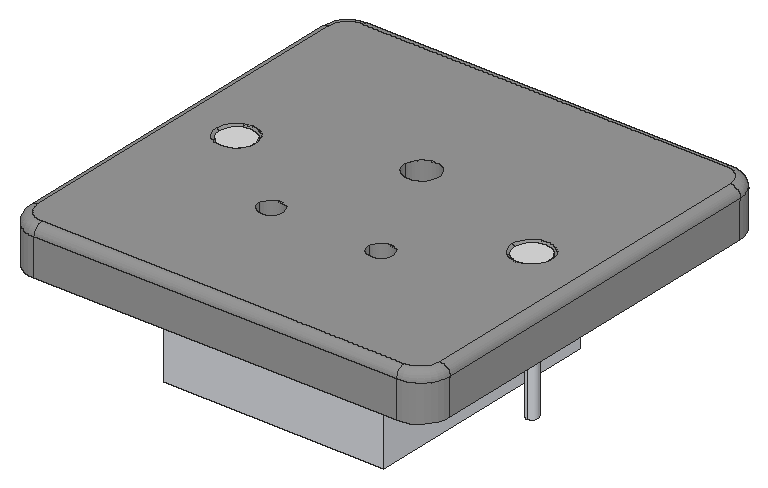
Revit family "ElectricalFixture_WiringAccessories_Hager_Sollysta_WMS51", category Electrical Fixtures, host Face, Revit 2015
Parameters (values of type "WMS51")
  Warranty ID = ""
  Voltage (Volts) = "230V/240V"
  Unique Reference = "WMS51"
  Type = "ElectricalFixture"
  Technical Description = Description  # "5A1GangUnswitchedSocket"
  Switch = no
  Supply Phase = "1"
  Size = ""
  Shipping Weight kg = "0.188"
  Shape = "Rectangular"
  Reference Standard = "BS 1363-2"
  Product URL = "http://www.hager.co.uk/product-catalogue/wiring-accessories/sollysta/white-moulded/white-moulded-sockets/58428.htm"
  Product Range = "Sollysta"
  Product Model Number = "WMS51"
  Product Literature = "http://www.hager.co.uk/product-catalogue/wiring-accessories/sollysta/38662.htm"
  Product Group = "WiringAccessories"
  Product Family = "WhiteMouldedSockets_UnswitchedSockets"
  Packaging Recyclable = yes
  Overall Width = 0.0 mm
  Overall Length = 86.0 mm
  Overall Height = 86.0 mm
  Overall Depth = 26.07 mm
  Operation and Maintenance Manual = ""
  Name = "WhiteMouldedSocket_WMS51"
  Measurement Units = "mm"
  Material = Urea Formaldehyde Thermoset Plastic
  Manufacturer Website = "http://www.hager.co.uk/"
  Manufacturer Country = "United Kingdom"
  Manufacturer = "Hager"
  LED Indicator Switch = yes
  Gross Weight kg = "0.165"
  Frequency = "50/60Hz"
  Finish = "Gloss"
  Features = Description  # "5A1GangUnswitchedSocket"
  Extrusion From Wall = 11.921 mm
  Expected Life = "25 years"
  EAN Code = "5015652261032"
  Design Country = "China"
  Description = "5A1GangUnswitchedSocket"
  Default Elevation = 1219.2 mm
  Colour = "SollystaWhite"
  CE Approval = yes
Reference planes
  plane 1 "Center (Front/Back)": y = 0
  plane 2: z = 0
  plane 3 "Center (Left/Right)": x = 0
  plane 4: y = -43
  plane 5: y = 43
  plane 6: x = -137
  plane 7: x = -51
  plane 8: z = 9.47
  plane 9: z = -16.6
  plane 10: z = 11.921
  plane 11: y = -471.393
  plane 12: z = -20.53
  plane 13: x = -124.15
  plane 14: x = -63.85
  plane 15: x = -93.992
Forms (mm)
  Extrusion 1, solid, material "Urea Formaldehyde Thermoset Plastic", detail levels fine
    sketch origin (0, 0, 0) x (1, 0, 0) y (0, 1, 0)
      loop
        arc (-137, -37.005) -> (-135.244, -41.244) -> (-131.005, -43) r 5.995
        line (-131.005, -43) -> (-57.017, -43)
        arc (-57.017, -43) -> (-52.762, -41.238) -> (-51, -36.983) r 6.017
        line (-51, -36.983) -> (-51, 37.035)
        arc (-51, 37.035) -> (-52.747, 41.253) -> (-56.965, 43) r 5.965
        line (-56.965, 43) -> (-131.018, 43)
        arc (-131.018, 43) -> (-135.248, 41.248) -> (-137, 37.018) r 5.982
        line (-137, 37.018) -> (-137, -37.005)
      loop
        circle (-124.15, 0) r 3.228
      loop
        circle (-63.85, 0) r 3.228
      loop
        circle (-94.011, 9.624) r 3.504
      loop
        circle (-105.207, -14.853) r 2.5
      loop
        circle (-82.815, -14.853) r 2.5
    from 0 to 9.47
  Sweep 2, void
    path origin (0, 0, 0) x (1, 0, 0) y (0, 1, 0)
      loop
        line (-137, 37.018) -> (-137, -37.005)
        arc (-137, -37.005) -> (-135.244, -41.244) -> (-131.005, -43) r 5.995
        line (-131.005, -43) -> (-57.017, -43)
        arc (-57.017, -43) -> (-52.762, -41.238) -> (-51, -36.983) r 6.017
        line (-51, -36.983) -> (-51, 37.035)
        arc (-51, 37.035) -> (-52.747, 41.253) -> (-56.965, 43) r 5.965
        line (-56.965, 43) -> (-131.018, 43)
        arc (-131.018, 43) -> (-135.248, 41.248) -> (-137, 37.018) r 5.982
    profile origin (-137, 0.007, 0) x (1, 0, 0) y (0, 0, 1)
      loop
        line (0, 9.47) -> (0, 7.462)
        arc (0, 7.462) -> (0.588, 8.882) -> (2.008, 9.47) r 2.008
        line (2.008, 9.47) -> (0, 9.47)
  Sweep 3, void
    path origin (0, 0, 0) x (1, 0, 0) y (0, 1, 0)
      loop
        circle (-63.85, 0) r 3.228
    profile origin (-63.85, 3.228, 0) x (0, -1, 0) y (0, 0, 1)
      loop
        line (0, 9.47) -> (-0.814, 9.47)
        arc (-0.814, 9.47) -> (-0.347, 9.123) -> (0, 8.656) r 2
        line (0, 8.656) -> (0, 9.47)
  Sweep 4, void
    path origin (0, 0, 0) x (1, 0, 0) y (0, 1, 0)
      loop
        circle (-124.15, 0) r 3.228
    profile origin (-124.15, 3.228, 0) x (0, 1, 0) y (0, 0, 1)
      loop
        line (0, 9.47) -> (0, 8.656)
        arc (0, 8.656) -> (0.346, 9.124) -> (0.814, 9.47) r 1.964
        line (0.814, 9.47) -> (0, 9.47)
  Extrusion 5, solid, material "Steel, Chrome Plated", detail levels fine
    sketch origin (0, 0, 0) x (1, 0, 0) y (0, 1, 0)
      loop
        circle (-124.15, 0) r 3.542
    from -1.167 to 9.196
  Extrusion 6, solid, material "Steel, Chrome Plated", detail levels fine
    sketch origin (0, 0, 0) x (-1, 0, 0) y (0, -1, 0)
      loop
        circle (63.85, 0) r 3.542
    from -1.167 to 9.196
  Extrusion 7, solid, material "Urea Formaldehyde Thermoset Plastic", detail levels medium
    sketch origin (0, 0, 0) x (1, 0, 0) y (0, 1, 0)
      loop
        line (-137, 43) -> (-137, -43) -> (-51, -43) -> (-51, 43) -> (-137, 43)
    from 0 to 9.47
  Extrusion 8, solid
    sketch origin (-184.307, 0, -1.167) x (0, 1, 0) y (-1, 0, 0)
      loop
        circle (0, -60.15) r 1.2
    from 0 to 19.363
  Extrusion 9, solid
    sketch origin (0, 0, -1.167) x (0, -1, 0) y (1, 0, 0)
      loop
        circle (0, -63.85) r 1.2
    from 0 to 19.363
  Extrusion 10, solid, material "Urea Formaldehyde Thermoset Plastic", detail levels medium
    sketch origin (0, 0, 0) x (1, 0, 0) y (0, 1, 0)
      loop
        line (-137, -43) -> (-51, -43) -> (-51, 43) -> (-137, 43) -> (-137, -43)
    from 0 to 9.47
  Extrusion 11, solid, detail levels medium+fine
    sketch origin (0, 0, 0) x (1, 0, 0) y (0, 1, 0)
      loop
        line (-116.582, 21.953) -> (-116.582, -28.047) -> (-71.582, -28.047) -> (-71.582, 21.953) -> (-116.582, 21.953)
    from -20.53 to 0
Cuts and joins
  Sweep 2, Sweep 3, Sweep 4 cuts Extrusion 1
Lines and regions (mm)
  symbolic lines, style "ElectricalFixtures", not visible, detail levels coarse
    curve 1: line (131.079, -504.912, 19.451) -> (61.079, -504.912, 19.451)
    curve 2: arc (131.079, -504.912, 19.451) -> (96.079, -504.912, 54.451) -> (61.079, -504.912, 19.451) r 35
  symbolic lines, style "ElectricalFixtures", detail levels coarse
    curve 3: line (-129.001, -504.912, 0) -> (-59.001, -504.912, 0)
    curve 4: arc (-129.001, -504.912, 0) -> (-94.001, -504.912, 35) -> (-59.001, -504.912, 0) r 35
  model lines, detail levels coarse
    curve 5: line (-137, 43, 0) -> (-51, 43, 0)
    curve 6: line (-137, -43, 0) -> (-137, 43, 0)
    curve 7: line (-51, -43, 0) -> (-137, -43, 0)
    curve 8: line (-51, 43, 0) -> (-51, -43, 0)
    curve 9: arc (-120.108, 0, 0) -> (-124.15, -4.042, 0) -> (-128.192, 0, 0) r 4.042
    curve 10: arc (-128.192, 0, 0) -> (-124.15, 4.042, 0) -> (-120.108, 0, 0) r 4.042
    curve 11: arc (-59.808, 0, 0) -> (-63.85, -4.042, 0) -> (-67.892, 0, 0) r 4.042
    curve 12: arc (-67.892, 0, 0) -> (-63.85, 4.042, 0) -> (-59.808, 0, 0) r 4.042
  model lines
    curve 13: arc (-90.507, 9.624, 0) -> (-94.011, 6.119, 0) -> (-97.515, 9.624, 0) r 3.504
    curve 14: arc (-97.515, 9.624, 0) -> (-94.011, 13.128, 0) -> (-90.507, 9.624, 0) r 3.504
    curve 15: arc (-102.707, -14.853, 0) -> (-105.207, -17.353, 0) -> (-107.707, -14.853, 0) r 2.5
    curve 16: arc (-107.707, -14.853, 0) -> (-105.207, -12.353, 0) -> (-102.707, -14.853, 0) r 2.5
    curve 17: arc (-80.315, -14.853, 0) -> (-82.815, -17.353, 0) -> (-85.315, -14.853, 0) r 2.5
    curve 18: arc (-85.315, -14.853, 0) -> (-82.815, -12.353, 0) -> (-80.315, -14.853, 0) r 2.5
    curve 19: arc (-67.392, 0, 0) -> (-63.85, -3.542, 0) -> (-60.308, 0, 0) r 3.542
Dimensions and locks
  plane 10 to plane 9 = 28.521 mm
  plane 8 to plane 9 = 26.07 mm
  plane 2 to plane 9 = 16.6 mm
  "Overall Length": plane 6 to plane 7
  "Overall Height": plane 4 to plane 5
  "Overall Depth": plane 9 to plane 8
  plane 2 to plane 10 = 11.921 mm
  plane 8 to plane 12 = 30.0 mm
  aligned and locked: plane 2 to host face
  aligned and locked: level to host face
  aligned and locked: Extrusion 1 to plane 8
  aligned and locked: Extrusion 7 to plane 8
  aligned and locked: Extrusion 6 to Extrusion 8
  aligned and locked: Extrusion 9 to Extrusion 5
  aligned and locked: plane 12 to Extrusion 9
  aligned and locked: Extrusion 10 to plane 8
  aligned and locked: Extrusion 10 to level
  aligned and locked: curve 13 to cut or joined group of Extrusion 1, Sweep 2, Sweep 3, Sweep 4
  aligned and locked: curve 14 to cut or joined group of Extrusion 1, Sweep 2, Sweep 3, Sweep 4
  aligned and locked: curve 15 to cut or joined group of Extrusion 1, Sweep 2, Sweep 3, Sweep 4
  aligned and locked: curve 16 to cut or joined group of Extrusion 1, Sweep 2, Sweep 3, Sweep 4
  aligned and locked: curve 17 to cut or joined group of Extrusion 1, Sweep 2, Sweep 3, Sweep 4
  aligned and locked: curve 18 to cut or joined group of Extrusion 1, Sweep 2, Sweep 3, Sweep 4
  aligned and locked: Extrusion 8 to Extrusion 11
  aligned and locked: level to Extrusion 11
Automatic sketch dimensions
  host sketch curve to host sketch curve = 2438.4 mm  (x2)
  Sweep 2 sketch curve to plane 6 = 0.0 mm
  plane 5 to Sweep 2 sketch curve = 0.0 mm
  plane 4 to Sweep 2 sketch curve = 0.0 mm
  Sweep 2 sketch curve to Sweep 2 sketch curve = 5.982 mm
  plane 6 to Sweep 2 sketch curve = 5.995 mm
  Sweep 2 sketch curve to plane 7 = 6.017 mm
  Sweep 2 sketch curve to plane 7 = 5.965 mm
  plane 7 to Sweep 2 sketch curve = 0.0 mm
  profile plane to Sweep 2 sketch curve = 0.0 mm
  Sweep 2 sketch curve to Sweep 2 sketch curve = 2.008 mm
  level to Sweep 2 sketch curve = 7.462 mm
  plane 1 "Center (Front/Back)" to Sweep 3 sketch curve = 0.0 mm
  Sweep 3 sketch curve to plane 14 = 0.0 mm
  Sweep 3 sketch curve to profile plane = 0.0 mm
  Sweep 3 sketch curve to Sweep 3 sketch curve = 0.814 mm
  profile plane to Sweep 3 sketch curve = 1.761 mm
  level to Sweep 3 sketch curve = 7.709 mm
  Sweep 3 sketch curve to Sweep 3 sketch curve = 0.947 mm
  Sweep 4 sketch curve to Sweep 4 sketch curve = 0.0 mm  (x2)
  plane 1 "Center (Front/Back)" to Sweep 4 sketch curve = 0.0 mm
  Sweep 4 sketch curve to plane 13 = 0.0 mm
  Sweep 4 sketch curve to plane 13 = 3.228 mm
  Sweep 4 sketch curve to profile plane = 0.0 mm
  Sweep 4 sketch curve to profile plane = 0.814 mm
  Sweep 4 sketch curve to profile plane = 1.735 mm
  level to Sweep 4 sketch curve = 7.735 mm
  Sweep 4 sketch curve to Sweep 4 sketch curve = 0.921 mm
  Extrusion 5 sketch curve to Extrusion 5 sketch curve = 0.0 mm  (x2)
  plane 1 "Center (Front/Back)" to Extrusion 5 sketch curve = 0.0 mm
  Extrusion 5 sketch curve to plane 13 = 0.0 mm
  Extrusion 5 sketch curve to plane 13 = 3.542 mm
  Extrusion 6 sketch curve to Extrusion 6 sketch curve = 0.0 mm  (x2)
  plane 1 "Center (Front/Back)" to Extrusion 6 sketch curve = 0.0 mm
  plane 14 to Extrusion 6 sketch curve = 0.0 mm
  Extrusion 6 sketch curve to plane 14 = 3.542 mm
  plane 4 to Extrusion 7 sketch curve = 0.0 mm
  Extrusion 7 sketch curve to plane 6 = 0.0 mm
  Extrusion 7 sketch curve to plane 7 = 0.0 mm
  plane 5 to Extrusion 7 sketch curve = 0.0 mm
  plane 5 to Extrusion 10 sketch curve = 0.0 mm
  Extrusion 10 sketch curve to plane 6 = 0.0 mm
  Extrusion 10 sketch curve to plane 7 = 0.0 mm
  plane 4 to Extrusion 10 sketch curve = 0.0 mm
  plane 4 to curve 7 = 0.0 mm
  curve 7 to plane 6 = 0.0 mm
  plane 1 "Center (Front/Back)" to curve 9 = 0.0 mm
  curve 10 to plane 13 = 0.0 mm
  plane 1 "Center (Front/Back)" to curve 12 = 0.0 mm
  curve 12 to plane 14 = 0.0 mm
  plane 5 to curve 8 = 0.0 mm
  curve 8 to plane 7 = 0.0 mm
  curve 9 to plane 13 = 4.042 mm
  curve 12 to curve 11 = 4.042 mm
  Extrusion 1 sketch curve to plane 6 = 0.0 mm
  plane 5 to Extrusion 1 sketch curve = 0.0 mm
  plane 4 to Extrusion 1 sketch curve = 0.0 mm
  plane 1 "Center (Front/Back)" to Extrusion 1 sketch curve = 0.0 mm  (x2)
  Extrusion 1 sketch curve to plane 13 = 0.0 mm
  Extrusion 1 sketch curve to plane 14 = 0.0 mm
  plane 6 to Extrusion 1 sketch curve = 5.982 mm
  plane 6 to Extrusion 1 sketch curve = 5.995 mm
  plane 13 to Extrusion 1 sketch curve = 18.943 mm
  Extrusion 1 sketch curve to plane 1 "Center (Front/Back)" = 9.624 mm
  Extrusion 1 sketch curve to Extrusion 1 sketch curve = 11.196 mm
  Extrusion 1 sketch curve to plane 14 = 18.965 mm
  Extrusion 1 sketch curve to plane 7 = 6.017 mm
  Extrusion 1 sketch curve to plane 7 = 5.965 mm
  plane 7 to Extrusion 1 sketch curve = 0.0 mm
  plane 1 "Center (Front/Back)" to Extrusion 1 sketch curve = 14.853 mm  (x2)
  curve 3 to curve 4 = 35.0 mm
  curve 1 to curve 2 = 35.0 mm
  plane 13 to Extrusion 11 sketch curve = 7.568 mm
  Extrusion 11 sketch curve to plane 14 = 7.732 mm
  Extrusion 11 sketch curve to plane 4 = 14.953 mm
  plane 5 to Extrusion 11 sketch curve = 21.047 mm
  radius of Sweep 3 sketch curve = 3.228 mm
  radius of Extrusion 8 sketch curve = 1.2 mm
  radius of Extrusion 9 sketch curve = 1.2 mm
  radius of Extrusion 1 sketch curve = 3.228 mm  (x2)
  radius of Extrusion 1 sketch curve = 3.504 mm
  radius of Extrusion 1 sketch curve = 2.5 mm  (x2)
Connectors
  electrical at (-94.001, 0.008, 0)
    settings: on cut or joined group of Extrusion 1, Sweep 2, Sweep 3, Sweep 4, index 1, voltage 230 V, apparent load 0 VA, apparent load phase1 0 VA, apparent load phase2 0 VA, apparent load phase3 0 VA, power factor 1, load classification "Other", number of poles 1, system type 31, power factor state 1, is connector primary yes, connector utility no, sub classification motor no, connector description ""
